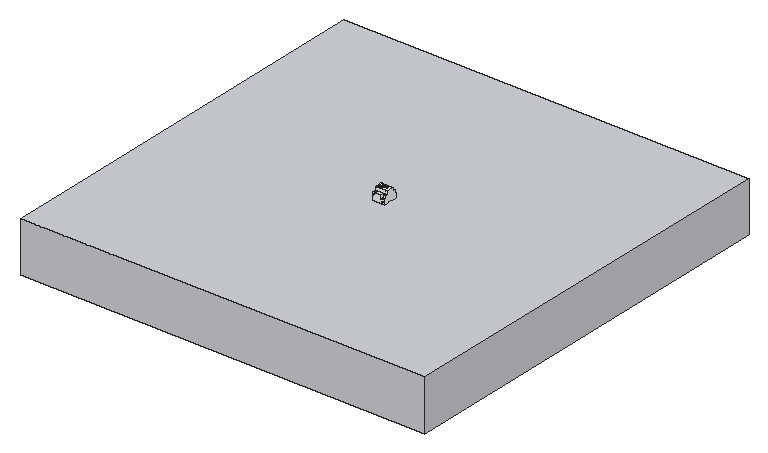
Revit family "Gira_597900", category Elektroinstallationen, Revit 2017
Family settings
  Basisbauteil = Fläche
  Beschriftungsausrichtung beibehalten = Nein
  Bemaßung runder Anschluss = Durchmesser verwenden
  Teiletyp = Normal
  Beim Laden mit Abzugskörper schneiden = Nein
  Gemeinsam genutzt = Nein
  Raumberechnungspunkt = Nein
Parameters (values of type "I/O-Modul Stationsbus AP 8/8 REG Rufsystem 834 Plus")
  Zusammenstellung = "Basiselement"
  Default Elevation = 1219.2 mm
  Vor Ort-/Handbedienung = no
  URL = "https://www.gira.de/"
  Typname = "I/O-Modul Stationsbus AP 8/8 REG Rufsystem 834 Plus"
  Type Comments = ""
  Schutzart (IP) = ""
  Produktseite = "https://media.stage.bim.site/t/eyJhbGciOiJIUzI1NiIsInR5cCI6IkpXVCJ9.eyJjdCI6MiwidHUiOiJodHRwOi8va2F0YWxvZy5naXJhLmRlL2RlX0RFL2RhdGVuYmxhdHQuaHRtbD9hcnRpa2VsbnI9NTk3OTAwIiwiY2lkIjoiMzI3N2NjMjMtODFhOS00ZWUzLWE5MGEtYjQ3YmI0YzBiNjE2IiwicmlkIjoiYjIzOTQ5NDc4ZGRlNDQyYjE2MzQ1NDg5MGRjZGJiMTkiLCJwaWQiOiJlYmQxNjVhNzUwZmQ2NzFjNzIwMzI0MzNlNWJiY2M3NGM2YWI2YjYyIiwic2lkIjoiNjM0NzAiLCJ1dCI6MSwibGMiOiJkZSIsImlhdCI6MTYwMDkyNTQxOCwiaXNzIjoiaHR0cHM6Ly9hcGkubGl2ZS5iaW0uc2l0ZSIsInN1YiI6ImFkbWluQGJpbXNpdGUuZGV2In0.rcEBri8ozUHs1ihaXudObMIXCpwno9EvQIWaa9O4wNE"
  Montageart = ""
  Model = ""
  Mit LED-Anzeige = no
  Mit Busankopplung = no
  Max. Anzahl der Schaltausgänge = 0
  Kosten = 0
  Hersteller = "Gira"
  HeinzeBIM = "https://www.heinze.de/bim/i-o-modul-stationsbus-ap-8-8-reg-rufsystem-834-plus/ebd165a750fd671c72032433e5bbcc74c6ab6b62"
  HAN = "597900"
  Geeignet für C-Last = no
  GTIN = "4010337105442"
  Datenblatt 1 = "https://media.stage.bim.site/t/eyJhbGciOiJIUzI1NiIsInR5cCI6IkpXVCJ9.eyJjdCI6MSwidGYiOiJwdWJsaWMvZ2lyYS9hZThjNTU3LzU5NzkwMC50eHQiLCJjaWQiOiIzMjc3Y2MyMy04MWE5LTRlZTMtYTkwYS1iNDdiYjRjMGI2MTYiLCJyaWQiOiJiMjM5NDk0NzhkZGU0NDJiMTYzNDU0ODkwZGNkYmIxOSIsInBpZCI6ImViZDE2NWE3NTBmZDY3MWM3MjAzMjQzM2U1YmJjYzc0YzZhYjZiNjIiLCJzaWQiOiI2MzQ3MCIsInV0IjoxLCJsYyI6ImRlIiwiaWF0IjoxNjAwOTI1NDE4LCJpc3MiOiJodHRwczovL2FwaS5saXZlLmJpbS5zaXRlIiwic3ViIjoiYWRtaW5AYmltc2l0ZS5kZXYifQ.M9yO17NrUwy2KA55jqrHf-Co7ZRjSdGB46tEW33vqvE/597900.txt"
  Datenblatt = "https://media.stage.bim.site/t/eyJhbGciOiJIUzI1NiIsInR5cCI6IkpXVCJ9.eyJjdCI6MSwidHUiOiJodHRwczovL2thdGFsb2cuZ2lyYS5kZS9kZV9ERS9kb3dubG9hZC5odG1sP2FydGlrZWxucj01OTc5MDAiLCJjaWQiOiIzMjc3Y2MyMy04MWE5LTRlZTMtYTkwYS1iNDdiYjRjMGI2MTYiLCJyaWQiOiJiMjM5NDk0NzhkZGU0NDJiMTYzNDU0ODkwZGNkYmIxOSIsInBpZCI6ImViZDE2NWE3NTBmZDY3MWM3MjAzMjQzM2U1YmJjYzc0YzZhYjZiNjIiLCJzaWQiOiI2MzQ3MCIsInV0IjoxLCJsYyI6ImRlIiwiaWF0IjoxNjAwOTI1NDE4LCJpc3MiOiJodHRwczovL2FwaS5saXZlLmJpbS5zaXRlIiwic3ViIjoiYWRtaW5AYmltc2l0ZS5kZXYifQ.i1YCJwuRYOIkWXzHbWkRdnCda024YJQplTNSAwrg_9k"
  Bussystem Powernet = no
  Bussystem LON = no
  Bussystem KNX-Funk = no
  Bussystem KNX = no
  Bussystem Funkbus = no
  Busfähig = "2-Draht"
  Breite in Teilungseinheiten = 0
  Beschreibung = "I O-Modul Stationsbus AP 8 Eingänge 8 Ausgänge  REG Die Eingänge der I O-Module dienen zur Einbindung von Fremdanlagen und technischen Alarmmeldungen (z. B. BMA, Aufzugalarm, Sicherheitsbeleuchtung, andere Lichtrufsysteme, Hausklingel etc.). Die Ausgänge dienen zum Schalten externer Geräte wie Lampen, andere Lichtrufsysteme, Türmagneten, Hupen usw.  Merkmale: Eingänge:  Die Eingänge sind galvanisch getrennt und können getrennt mit unterschiedlichen Bezugspotenzialen arbeiten.  Die Koppeleinheit ist für die Eingänge im Bereich AC DC 5-30 V ausgelegt.  Die Koppeleinheit ist selbstüberwachend. Ausgänge:  Die Ausgänge sind einzeln konfigurierbar.  Die Ansteuerung der Ausgänge erfolgt über entsprechende Software gemäß Konfiguration.  Jedes Ausgangsrelais ist potenzialfrei als Umschaltekontakt nutzbar und bis 8 A belastbar.  Das I O-Modul Stationsbus AP (REG) verfügt über acht Eingänge und acht Ausgänge."
  Assembly Code = ""
  Keynote = ""
  BIMSITE_PRODUCT_ID = "ebd165a750fd671c72032433e5bbcc74c6ab6b62"
  BIM = "https://media.stage.bim.site/t/eyJhbGciOiJIUzI1NiIsInR5cCI6IkpXVCJ9.eyJjdCI6MSwidGYiOiJwdWJsaWMvZ2lyYS9hZThjNTU3L1JFRyA4Zi5yZmEiLCJjaWQiOiIzMjc3Y2MyMy04MWE5LTRlZTMtYTkwYS1iNDdiYjRjMGI2MTYiLCJyaWQiOiJiMjM5NDk0NzhkZGU0NDJiMTYzNDU0ODkwZGNkYmIxOSIsInBpZCI6ImViZDE2NWE3NTBmZDY3MWM3MjAzMjQzM2U1YmJjYzc0YzZhYjZiNjIiLCJzaWQiOiI2MzQ3MCIsInV0Ijo1LCJsYyI6ImRlIiwiaWF0IjoxNjAwOTI1NDE4LCJpc3MiOiJodHRwczovL2FwaS5saXZlLmJpbS5zaXRlIiwic3ViIjoiYWRtaW5AYmltc2l0ZS5kZXYifQ.c5HHqw4KdWZoeNazdecCdD4mzLYSrbT9U07hbjSKXdQ/REG 8f.rfa"
  Ausführung Text = "sonstige"
  Art der Spannungsversorgung = "extern"
  Anzahl der binären Eingänge = 0
  Andere Bussysteme = ""
Reference planes
  plane 1 "Center (Front/Back)": y = 0
  plane 2: z = 0
  plane 3 "Center (Left/Right)": x = 0
Forms (mm)
  Extrusion 1, solid
    sketch origin (0, 0, 0) x (1, 0, 0) y (0, 1, 0)
      loop
        line (-1219.2, 1219.2) -> (-1219.2, -1219.2) -> (1219.2, -1219.2) -> (1219.2, 1219.2) -> (-1219.2, 1219.2)
    from 0 to -304.8
  Extrusion 2, solid, material "White", detail levels fine
    sketch origin (0, 0, 0) x (0, 1, 0) y (0, 0, 1)
      loop
        line (45.125, -2.619) -> (45.125, 24.95) -> (33.875, 24.95) -> (33.875, 43.8) -> (22.575, 43.8) -> (22.575, 62.05)
        arc (22.575, 62.05) -> (22.311, 62.686) -> (21.675, 62.95) r 0.9
        line (21.675, 62.95) -> (-21.175, 62.95)
        arc (-21.175, 62.95) -> (-21.785, 62.758) -> (-22.175, 62.25) r 1.064
        line (-22.175, 62.25) -> (-22.175, 43.8) -> (-44.725, 43.8) -> (-44.725, -2.619)
        arc (-44.725, -2.619) -> (-31.081, -5.433) -> (-17.243, -7.049) r 160
        line (-17.243, -7.049) -> (-13.165, -1.734) -> (-16.399, -0.807) -> (-16.399, 0) -> (17.8, 0) -> (17.8, -1.4) -> (16.8, -1.4) -> (14.749, -4.952)
        arc (14.749, -4.952) -> (18.64, -6.184) -> (22.7, -6.6) r 20
        arc (22.7, -6.6) -> (33.983, -5.009) -> (45.125, -2.619) r 160
    from -36 to 36
  Extrusion 3, void, detail levels fine
    sketch origin (0, 0, 0) x (1, 0, 0) y (0, 1, 0)
      loop
        circle (30, 26.925) r 2.55
      loop
        circle (21.75, 26.925) r 2.55
      loop
        circle (12.75, 26.925) r 2.55
      loop
        circle (4.5, 26.925) r 2.55
      loop
        circle (-4.5, 26.925) r 2.55
      loop
        circle (-12.75, 26.925) r 2.55
      loop
        circle (-21.75, 26.925) r 2.55
      loop
        circle (-30, 26.925) r 2.55
    from 37.936 to 43.8
  Extrusion 4, void, detail levels fine
    sketch origin (0, 11.25, -18.85) x (1, 0, 0) y (0, 1, 0)
      loop
        circle (30, 26.925) r 2.55
      loop
        circle (21.75, 26.925) r 2.55
      loop
        circle (12.75, 26.925) r 2.55
      loop
        circle (4.5, 26.925) r 2.55
      loop
        circle (-4.5, 26.925) r 2.55
      loop
        circle (-12.75, 26.925) r 2.55
      loop
        circle (-21.75, 26.925) r 2.55
      loop
        circle (-30, 26.925) r 2.55
    from 37.936 to 43.8
  Extrusion 5, void, detail levels fine
    sketch origin (0, 0, 0) x (1, 0, 0) y (0, 1, 0)
      loop
        circle (-13, -3.875) r 3
      loop
        circle (-23, -3.875) r 3
      loop
        circle (-23, -13.875) r 3
      loop
        circle (-13, -13.875) r 3
      loop
        circle (-29, -3.875) r 1.575
      loop
        circle (-29, -13.875) r 1.575
      loop
        circle (-7, -13.875) r 1.575
      loop
        circle (-15.4, 5.325) r 1.625
      loop
        circle (-11, 5.325) r 1.575
      loop
        circle (-6.6, 5.325) r 1.625
      loop
        circle (-2.2, 5.325) r 1.625
      loop
        circle (2.2, 5.325) r 1.625
      loop
        circle (6.6, 5.325) r 1.625
      loop
        circle (11, 5.325) r 1.575
      loop
        circle (15.4, 5.325) r 1.625
    from 58.253 to 62.95
  Extrusion 6, void, detail levels fine
    sketch origin (0, 0, 0) x (1, 0, 0) y (0, 1, 0)
      loop
        line (-32.175, -32.6) -> (-32.175, -34.9) -> (-31.24, -34.36) -> (-31.401, -37.165) -> (-32.175, -36.7) -> (-32.175, -44.875) -> (-20.175, -44.875) -> (-20.175, -37.33) -> (-19.075, -37.965) -> (-19.075, -33.635) -> (-20.175, -34.27) -> (-20.175, -32.6) -> (-32.175, -32.6)
    from 28.5 to 43.8
  Extrusion 7, solid, detail levels fine
    sketch origin (0, 0, 0) x (1, 0, 0) y (0, 1, 0)
      loop
        circle (-29.375, -36.2) r 0.5
      loop
        circle (-23.575, -36.2) r 0.5
    from 28.5 to 37.5
  Extrusion 8, void, detail levels fine
    sketch origin (0, 0, 0) x (1, 0, 0) y (0, 1, 0)
      loop
        line (15.289, -31.489) -> (15.289, -44.875) -> (36, -44.875) -> (36, -31.489) -> (15.289, -31.489)
    from 25 to 43.8
  Extrusion 9, void, detail levels fine
    sketch origin (0, 0, 0) x (1, 0, 0) y (0, 1, 0)
      loop
        circle (21.75, -37.925) r 2.55
      loop
        circle (30, -37.925) r 2.55
    from 19.086 to 24.95
  Extrusion 10, void, detail levels fine
    sketch origin (0, 0, 0) x (1, 0, 0) y (0, 0, 1)
      loop
        line (32.368, 26.75) -> (32.35, 28.865) -> (32.319, 32.45) -> (27.731, 32.45) -> (27.682, 26.75) -> (32.368, 26.75)
      loop
        line (24.118, 26.75) -> (24.1, 28.865) -> (24.069, 32.45) -> (19.481, 32.45) -> (19.432, 26.75) -> (24.118, 26.75)
      loop
        line (15.118, 26.75) -> (15.1, 28.865) -> (15.069, 32.45) -> (10.481, 32.45) -> (10.432, 26.75) -> (15.118, 26.75)
      loop
        line (6.868, 26.75) -> (6.85, 28.865) -> (6.819, 32.45) -> (2.231, 32.45) -> (2.182, 26.75) -> (6.868, 26.75)
      loop
        line (-2.182, 26.75) -> (-2.2, 28.865) -> (-2.231, 32.45) -> (-6.819, 32.45) -> (-6.868, 26.75) -> (-2.182, 26.75)
      loop
        line (-10.432, 26.75) -> (-10.45, 28.865) -> (-10.481, 32.45) -> (-15.069, 32.45) -> (-15.118, 26.75) -> (-10.432, 26.75)
      loop
        line (-19.35, 26.75) -> (-19.369, 28.865) -> (-19.4, 32.45) -> (-23.987, 32.45) -> (-24.037, 26.75) -> (-19.35, 26.75)
      loop
        line (-27.682, 26.75) -> (-27.7, 28.865) -> (-27.731, 32.45) -> (-32.319, 32.45) -> (-32.368, 26.75) -> (-27.682, 26.75)
    from -29.206 to -33.875
  Extrusion 11, void, detail levels fine
    sketch origin (0, 11.25, -19.567) x (1, 0, 0) y (0, 0, 1)
      loop
        line (32.368, 26.75) -> (32.35, 28.865) -> (32.319, 32.45) -> (27.731, 32.45) -> (27.682, 26.75) -> (32.368, 26.75)
      loop
        line (24.118, 26.75) -> (24.1, 28.865) -> (24.069, 32.45) -> (19.481, 32.45) -> (19.432, 26.75) -> (24.118, 26.75)
      loop
        line (15.118, 26.75) -> (15.1, 28.865) -> (15.069, 32.45) -> (10.481, 32.45) -> (10.432, 26.75) -> (15.118, 26.75)
      loop
        line (6.868, 26.75) -> (6.85, 28.865) -> (6.819, 32.45) -> (2.231, 32.45) -> (2.182, 26.75) -> (6.868, 26.75)
      loop
        line (-2.182, 26.75) -> (-2.2, 28.865) -> (-2.231, 32.45) -> (-6.819, 32.45) -> (-6.868, 26.75) -> (-2.182, 26.75)
      loop
        line (-10.432, 26.75) -> (-10.45, 28.865) -> (-10.481, 32.45) -> (-15.069, 32.45) -> (-15.118, 26.75) -> (-10.432, 26.75)
      loop
        line (-19.35, 26.75) -> (-19.369, 28.865) -> (-19.4, 32.45) -> (-23.987, 32.45) -> (-24.037, 26.75) -> (-19.35, 26.75)
      loop
        line (-27.682, 26.75) -> (-27.7, 28.865) -> (-27.731, 32.45) -> (-32.319, 32.45) -> (-32.368, 26.75) -> (-27.682, 26.75)
    from -29.206 to -33.875
  Extrusion 12, void, detail levels fine
    sketch origin (0, 0, 0) x (1, 0, 0) y (0, 0, 1)
      loop
        line (32.319, 12.883) -> (27.731, 12.883) -> (27.682, 7.183) -> (32.368, 7.183) -> (32.35, 9.298) -> (32.319, 12.883)
      loop
        line (24.069, 12.883) -> (19.481, 12.883) -> (19.432, 7.183) -> (24.118, 7.183) -> (24.1, 9.298) -> (24.069, 12.883)
    from 40.588 to 44.725
  Extrusion 13, solid, material "White", detail levels fine
    sketch origin (0, 0, 0) x (1, 0, 0) y (0, 1, 0)
      loop
        circle (-15.4, 5.325) r 1.625
      loop
        circle (-11, 5.325) r 1.575
      loop
        circle (-6.6, 5.325) r 1.625
      loop
        circle (-2.2, 5.325) r 1.625
      loop
        circle (2.2, 5.325) r 1.625
      loop
        circle (6.6, 5.325) r 1.625
      loop
        circle (11, 5.325) r 1.575
      loop
        circle (15.4, 5.325) r 1.625
      loop
        circle (-29, -3.875) r 1.575
      loop
        circle (-29, -13.875) r 1.575
      loop
        circle (-7, -13.875) r 1.575
    from 58.253 to 62.25
  Extrusion 14, solid, material "White", detail levels fine
    sketch origin (0, 0, 0) x (1, 0, 0) y (0, 1, 0)
      loop
        circle (-23, -3.875) r 3
      loop
        circle (-13, -3.875) r 3
      loop
        circle (-23, -13.875) r 3
      loop
        circle (-13, -13.875) r 3
    from 58.253 to 63.841
  Extrusion 15, solid, material "White", detail levels medium
    sketch origin (0, 0, 0) x (0, 1, 0) y (0, 0, 1)
      loop
        line (45.125, -7.049) -> (45.125, 24.95) -> (33.875, 24.95) -> (33.875, 43.8) -> (22.575, 43.8) -> (22.575, 63.841) -> (-22.175, 63.841) -> (-22.175, 43.8) -> (-44.725, 43.8) -> (-44.725, -7.049) -> (45.125, -7.049)
    from -36 to 36
  Extrusion 16, solid, material "White", detail levels coarse
    sketch origin (0, 0, 0) x (0, 1, 0) y (0, 0, 1)
      loop
        line (45.125, -7.049) -> (45.125, 63.841) -> (-44.725, 63.841) -> (-44.725, -7.049) -> (45.125, -7.049)
    from -36 to 36
Cuts and joins
  Extrusion 3, Extrusion 4, Extrusion 5, Extrusion 6, Extrusion 8, Extrusion 9, Extrusion 10, Extrusion 11, Extrusion 12 cuts Extrusion 2
Dimensions and locks
  aligned and locked: plane 2 to Extrusion 1
  aligned and locked: level to Extrusion 1
